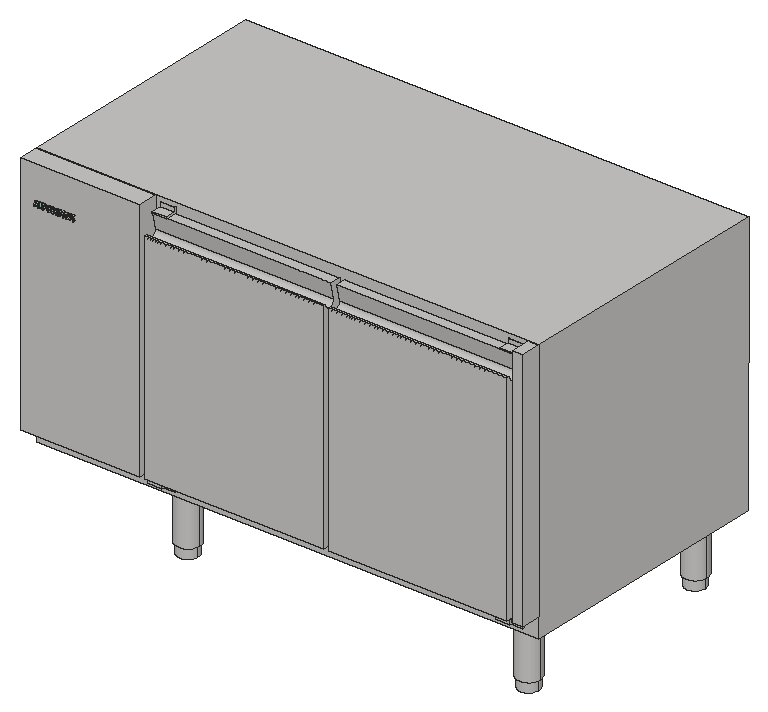
Revit family "QF_ALPENINOX_721094_AA2R7AA", category Attrezzature speciali, Revit 2018
Family settings
  Quota connettore circolare = Usa diametro
  Tipo di parte = Normale
  Basato su piano di lavoro = No
  Sempre verticale = Sì
  Taglio con vuoti quando caricato = No
  Condiviso = No
  Punto di calcolo locali = No
Parameters (values of type "Standard")
  Weight = 90.00 kg
  Watts = 220 W
  Volts = 220 V
  URL Manufacturer = "http://www.alpeninox.com"
  URL = "http://www.alpeninox.com"
  Steam Supply Size = 0 mm
  Steam Supply Minimum Pressure = 0.0 Pa
  Steam Supply Maximum Pressure = 0.0 Pa
  Steam Consumption per Hour = 0
  Refrigeration Suction Line Size = 0 mm
  Refrigeration Liquid Line Size = 0 mm
  Refrigerant Compressor Remote = yes
  Produttore = "Alpeninox"
  Phase = 1
  Modello = "AA2R7AA"
  Length Actual = 1241 mm  # constant formula
  Item Number = "721094"
  Hot Water Size = 0 mm
  Height Actual = 800 mm  # constant formula
  HP = "0.3 HP"
  Gas Size = 0 mm
  Gas KW = 0
  Gas Input Pressure = 0 W
  Direct Waste Size = 0 mm
  Descrizione = "2-DOOR REFRIGERATED COUNTER, -2+10°C, FULL AISI 304 (R290), WITHOUT WORK TOP"
  Depth Actual = 700 mm  # constant formula
  Cycle = 50 Hz
  Condensate Return Size = 0 mm
  Compressed Air Volume = 0.0 L/s
  Compressed Air Size = 0 mm
  Compressed Air Pressure = 0.0 Pa
  Cold Water Size = 0 mm
  Accessory = yes
Values of the unnamed type that differ from the named types
  Weight = 0.00 kg
  Watts = 0 W
  Volts = 0 V
  URL Manufacturer = ""
  Item Number = ""
  HP = ""
  Cycle = 0 Hz
Reference planes
  plane 1: z = 0
  plane 2 "Center (Left/Right)": x = -126.5
  plane 3 "Center (Front/Back)": y = 64.5
  plane 4 "FEET": z = 150
  plane 5 "TOP": z = 850
  plane 6 "PLAIN": z = 800
  plane 7 "EI_back": y = 103
  plane 8 "EI_left": x = -686
  plane 9 "BACK": y = 412
  plane 10 "FRONT": y = -283
  plane 11 "DOOR": y = -233
  plane 12 "LEFT": x = -747
  plane 13 "RIGHT": x = 494
  plane 14: x = -722
  plane 15: x = 469
Forms (mm)
  Extrusion 1, solid, material "QF_Finishes_Stainless Steel"
    sketch origin (-1022.223, -1524, 150) x (-1, 0, 0) y (0, -1, 0)
      loop
        circle (-336.223, -1627) r 5
    from 0 to -40
  Extrusion 2, solid, material "QF_Finishes_Stainless Steel"
    sketch origin (-1022.223, -1524, 150) x (-1, 0, 0) y (0, -1, 0)
      loop
        line (-1491.223, -1291) -> (-1491.223, -1241) -> (-1516.223, -1241) -> (-1516.223, -1291) -> (-1491.223, -1291)
    from 48 to 650
  Extrusion 3, solid, material "QF_Finishes_Stainless Steel"
    sketch origin (-1022.223, -1524, 150) x (-1, 0, 0) y (0, -1, 0)
      loop
        line (-275.223, -1936) -> (-275.223, -1291) -> (-1516.223, -1291) -> (-1516.223, -1936) -> (-275.223, -1936)
    from 0 to 650
Lines and regions (mm)
  symbolic lines, style "SpecialityEquipmentHiddenLines"
    curve 1: line (-747, 412, 150) -> (494, 412, 150)
    curve 2: line (-747, -283, 150) -> (-747, 412, 150)
    curve 3: line (494, -283, 150) -> (-747, -283, 150)
    curve 4: line (494, 412, 150) -> (494, -283, 150)
    curve 5: line (-747, -233, 150) -> (494, -233, 150)
    curve 6: line (469, -283, 150) -> (469, -233, 150)
Dimensions and locks
  plane 4 "FEET" to level = 150 mm
  plane 11 "DOOR" to plane 10 "FRONT" = 50 mm
  plane 6 "PLAIN" to plane 4 "FEET" = 650 mm
  plane 5 "TOP" to plane 6 "PLAIN" = 50 mm
  plane 12 "LEFT" to plane 14 = 25 mm
  plane 15 to plane 13 "RIGHT" = 25 mm
  plane 9 "BACK" to plane 7 "EI_back" = 309 mm
  plane 12 "LEFT" to plane 8 "EI_left" = 61 mm
  plane 12 "LEFT" to plane 13 "RIGHT" = 1241 mm
  equal spacing: plane 12 "LEFT", plane 2 "Center (Left/Right)", plane 13 "RIGHT"
  plane 9 "BACK" to plane 10 "FRONT" = 695 mm
  equal spacing: plane 9 "BACK", plane 3 "Center (Front/Back)", plane 10 "FRONT"
  aligned and locked: level to plane 1
Automatic sketch dimensions
  Extrusion 1 sketch curve to plane 7 "EI_back" = 0 mm
  Extrusion 1 sketch curve to plane 8 "EI_left" = 0 mm
  Extrusion 2 sketch curve to plane 11 "DOOR" = 0 mm
  Extrusion 2 sketch curve to plane 13 "RIGHT" = 0 mm
  Extrusion 2 sketch curve to plane 10 "FRONT" = 0 mm
  Extrusion 2 sketch curve to plane 15 = 0 mm
  Extrusion 3 sketch curve to plane 9 "BACK" = 0 mm
  Extrusion 3 sketch curve to plane 13 "RIGHT" = 0 mm
  Extrusion 3 sketch curve to plane 11 "DOOR" = 0 mm
  Extrusion 3 sketch curve to plane 12 "LEFT" = 0 mm
  curve 1 to plane 13 "RIGHT" = 0 mm
  curve 6 to plane 10 "FRONT" = 0 mm
  curve 6 to plane 15 = 0 mm
  curve 5 to plane 12 "LEFT" = 0 mm
  curve 6 to plane 11 "DOOR" = 0 mm
  curve 1 to plane 9 "BACK" = 0 mm
  radius of Extrusion 1 sketch curve = 5 mm
Nested families
  nested 1: "HP_Refrigerator" at (494, -283, 0), type "HP_Refrigerator"
  nested 2: "HP_FEET" at (-413, 331, 0), type "HP_FEET"
  nested 3: "HP_FEET" at (428, 331, 0), type "HP_FEET"
  nested 4: "HP_FEET" at (-413, -183, 0), type "HP_FEET"
  nested 5: "HP_FEET" at (428, -183, 0), type "HP_FEET"
  nested 6: "HP_APX_BI_TN_L" at (-540.08, -233, 548) x (1, 0, 0) z (0, -1, 0), type "HP_APX_BI_TN_L"
    with Show Logo yes
  nested 7: "HP_APX_SD_L" at (-219, -233, 458.88) x (1, 0, 0) z (0, -1, 0), type "HP_APX_SD_L"
    with Show Clearance yes
  nested 8: "HP_APX_SD_R" at (235, -233, 458.88) x (1, 0, 0) z (0, -1, 0), type "HP_APX_SD_R"
    with Show Clearance yes
Connectors
  electrical at (-686, 103, 110), driven by "Volts"
    settings: on Extrusion 1, index 1, voltage 220 V, apparent load 0 VA, apparent load phase1 0 VA, apparent load phase2 0 VA, apparent load phase3 0 VA, power factor 1, load classification "Other", number of poles 1, system type 31, power factor state 1, is connector primary yes, connector utility no, sub classification motor no, connector description "Electrical Connection"
Definition of nested family "HP_FEET"
  Parameters
    FEET = 150 mm
  Reference planes
    plane 1 "Center (Front/Back)": y = 0
    plane 2: z = 0
    plane 3 "Center (Left/Right)": x = 0
    plane 4: z = 150
  Forms (mm)
    Revolve 1, solid
      sketch origin (255.05, 0, 608.09) x (0, 0, 1) y (-1, 0, 0)
        loop
          line (-608.09, 255.05) -> (-608.09, 230.05) -> (-583.09, 230.05) -> (-583.09, 226.05) -> (-458.09, 226.05) -> (-458.09, 255.05) -> (-608.09, 255.05)
        axis (-608.09, 255.05) -> (-458.09, 255.05)
      angle from 0 to 360
  Dimensions and locks
    locked: Revolve 1 sketch curve to Revolve 1 sketch curve at 125
    "FEET": plane 4 to plane 2
    aligned and locked: level to plane 2
    aligned and locked: plane 4 to Revolve 1 sketch curve
    aligned and locked: Revolve 1 sketch curve to level
    aligned and locked: plane 3 "Center (Left/Right)" to Revolve 1 sketch curve
  Automatic sketch dimensions
    Revolve 1 sketch curve to plane 3 "Center (Left/Right)" = 0 mm
    Revolve 1 sketch curve to Revolve 1 sketch curve = 25 mm
    Revolve 1 sketch curve to Revolve 1 sketch curve = 29 mm
    plane 4 to Revolve 1 sketch curve = 50 mm
    Revolve 1 sketch curve to Revolve 1 sketch curve = 20 mm
Definition of nested family "HP_APX_BI_TN_L"
  Parameters
    Show Logo [instance] = yes
    Default Elevation = 1219.2 mm
  Reference planes
    plane 1 "Center (Front/Back)": y = -49
    plane 2: z = 0
    plane 3 "Center (Left/Right)": x = -59.92
    plane 4: x = -206.92
    plane 5: x = 87.08
    plane 6: y = 252
    plane 7: y = -350
  Forms (mm)
    Extrusion 1, solid
      sketch origin (0, 0, 0) x (1, 0, 0) y (0, 1, 0)
        loop
          line (-1219.2, 1219.2) -> (-1219.2, -1219.2) -> (1219.2, -1219.2) -> (1219.2, 1219.2) -> (-1219.2, 1219.2)
      from 0 to -304.8
    Extrusion 2, solid
      sketch origin (0, 0, 0) x (1, 0, 0) y (0, 1, 0)
        loop
          line (-206.92, 252) -> (-206.92, -350) -> (87.08, -350) -> (87.08, 252) -> (-206.92, 252)
      from 0 to 50
    Extrusion 3, solid
      sketch origin (0, 0, 0) x (1, 0, 0) y (0, 1, 0)
        loop
          line (-168.675, 170.349) -> (-172.411, 160.318)
          arc (-172.411, 160.318) -> (-171.624, 158.497) -> (-169.837, 159.36) r 1.374
          line (-169.837, 159.36) -> (-169.268, 161.111) -> (-164.1, 161.111) -> (-163.54, 159.379)
          arc (-163.54, 159.379) -> (-161.802, 158.542) -> (-161.049, 160.318) r 1.333
          line (-161.049, 160.318) -> (-164.694, 170.349)
          arc (-164.694, 170.349) -> (-166.685, 171.876) -> (-168.675, 170.349) r 2.06
        loop
          line (-166.681, 169.055) -> (-168.469, 163.655) -> (-164.935, 163.655) -> (-166.681, 169.055)
        loop
          arc (-159.705, 160.042) -> (-159.262, 158.973) -> (-158.194, 158.531) r 1.512
          line (-158.194, 158.531) -> (-153.608, 158.531)
          arc (-153.608, 158.531) -> (-152.337, 159.802) -> (-153.608, 161.074) r 1.272
          line (-153.608, 161.074) -> (-156.917, 161.074) -> (-156.917, 170.328)
          arc (-156.917, 170.328) -> (-158.311, 171.722) -> (-159.705, 170.328) r 1.394
          line (-159.705, 170.328) -> (-159.705, 160.042)
        loop
          line (-151.076, 170.218) -> (-151.076, 159.859)
          arc (-151.076, 159.859) -> (-149.683, 158.466) -> (-148.29, 159.859) r 1.393
          line (-148.29, 159.859) -> (-148.29, 162.882) -> (-146.225, 162.882)
          arc (-146.225, 162.882) -> (-142.999, 163.859) -> (-141.608, 166.928) r 4.082
          arc (-141.608, 166.928) -> (-142.993, 170.272) -> (-146.336, 171.657) r 4.728
          line (-146.336, 171.657) -> (-149.638, 171.657)
          arc (-149.638, 171.657) -> (-150.655, 171.235) -> (-151.076, 170.218) r 1.439
        loop
          line (-148.29, 165.313) -> (-146.388, 165.313)
          arc (-146.388, 165.313) -> (-144.433, 167.268) -> (-146.388, 169.222) r 1.955
          line (-146.388, 169.222) -> (-148.29, 169.222) -> (-148.29, 165.313)
        loop
          arc (-131.184, 166.332) -> (-132.004, 168.2) -> (-133.767, 169.228) r 3.3
          arc (-133.767, 169.228) -> (-136.353, 168.661) -> (-137.611, 166.332) r 3.176
          line (-137.611, 166.332) -> (-131.184, 166.332)
        loop
          line (-137.538, 163.743) -> (-130.544, 163.743)
          arc (-130.544, 163.743) -> (-129.292, 163.916) -> (-128.301, 164.701) r 2.4
          arc (-128.301, 164.701) -> (-128.155, 165.545) -> (-128.212, 166.399) r 3.635
          arc (-128.212, 166.399) -> (-130.364, 170.162) -> (-134.39, 171.769) r 6.579
          arc (-134.39, 171.769) -> (-138.918, 169.706) -> (-140.661, 165.044) r 6.501
          arc (-140.661, 165.044) -> (-139.276, 160.789) -> (-135.401, 158.549) r 6.252
          arc (-135.401, 158.549) -> (-132.922, 158.526) -> (-130.544, 159.232) r 8.361
          arc (-130.544, 159.232) -> (-129.466, 159.781) -> (-128.641, 160.666) r 3.486
          arc (-128.641, 160.666) -> (-128.419, 161.592) -> (-128.828, 162.451) r 1.425
          arc (-128.828, 162.451) -> (-129.368, 162.762) -> (-129.99, 162.762) r 1.203
          arc (-129.99, 162.762) -> (-130.406, 162.59) -> (-130.764, 162.316) r 1.724
          arc (-130.764, 162.316) -> (-131.666, 161.705) -> (-132.646, 161.229) r 7.6
          arc (-132.646, 161.229) -> (-135.676, 161.35) -> (-137.538, 163.743) r 3.6
        loop
          line (-126.669, 170.328) -> (-126.669, 159.859)
          arc (-126.669, 159.859) -> (-125.273, 158.463) -> (-123.878, 159.859) r 1.396
          line (-123.878, 159.859) -> (-123.878, 166.785) -> (-117.946, 159.029)
          arc (-117.946, 159.029) -> (-116.361, 158.51) -> (-115.379, 159.859) r 1.417
          line (-115.379, 159.859) -> (-115.379, 170.328)
          arc (-115.379, 170.328) -> (-116.774, 171.723) -> (-118.169, 170.328) r 1.395
          line (-118.169, 170.328) -> (-118.169, 163.311) -> (-124.101, 171.157)
          arc (-124.101, 171.157) -> (-125.687, 171.678) -> (-126.669, 170.328) r 1.418
        loop
          arc (-113.636, 159.859) -> (-112.241, 158.464) -> (-110.847, 159.859) r 1.394
          line (-110.847, 159.859) -> (-110.847, 170.328)
          arc (-110.847, 170.328) -> (-112.241, 171.723) -> (-113.636, 170.328) r 1.394
          line (-113.636, 170.328) -> (-113.636, 159.859)
        loop
          line (-109.102, 170.328) -> (-109.102, 159.859)
          arc (-109.102, 159.859) -> (-107.706, 158.463) -> (-106.31, 159.859) r 1.396
          line (-106.31, 159.859) -> (-106.31, 166.785) -> (-100.378, 159.029)
          arc (-100.378, 159.029) -> (-98.793, 158.51) -> (-97.812, 159.859) r 1.417
          line (-97.812, 159.859) -> (-97.812, 170.328)
          arc (-97.812, 170.328) -> (-99.207, 171.723) -> (-100.602, 170.328) r 1.395
          line (-100.602, 170.328) -> (-100.602, 163.311) -> (-106.533, 171.157)
          arc (-106.533, 171.157) -> (-108.119, 171.678) -> (-109.102, 170.328) r 1.418
        loop
          arc (-96.345, 165.093) -> (-95.619, 161.877) -> (-93.467, 159.379) r 6.806
          arc (-93.467, 159.379) -> (-91.792, 158.566) -> (-89.948, 158.31) r 5.956
          arc (-89.948, 158.31) -> (-88.104, 158.566) -> (-86.43, 159.379) r 5.956
          arc (-86.43, 159.379) -> (-84.277, 161.877) -> (-83.551, 165.093) r 6.806
          arc (-83.551, 165.093) -> (-84.277, 168.31) -> (-86.43, 170.808) r 6.806
          arc (-86.43, 170.808) -> (-88.104, 171.621) -> (-89.948, 171.877) r 5.956
          arc (-89.948, 171.877) -> (-91.792, 171.621) -> (-93.467, 170.808) r 5.956
          arc (-93.467, 170.808) -> (-95.619, 168.31) -> (-96.345, 165.093) r 6.806
        loop
          arc (-93.425, 165.093) -> (-93.138, 163.212) -> (-92.081, 161.629) r 4.387
          arc (-92.081, 161.629) -> (-91.087, 161.049) -> (-89.948, 160.881) r 3.035
          arc (-89.948, 160.881) -> (-88.809, 161.049) -> (-87.815, 161.629) r 3.035
          arc (-87.815, 161.629) -> (-86.759, 163.212) -> (-86.472, 165.093) r 4.387
          arc (-86.472, 165.093) -> (-86.759, 166.975) -> (-87.815, 168.558) r 4.387
          arc (-87.815, 168.558) -> (-88.809, 169.138) -> (-89.948, 169.306) r 3.035
          arc (-89.948, 169.306) -> (-91.087, 169.138) -> (-92.081, 168.558) r 3.035
          arc (-92.081, 168.558) -> (-93.138, 166.975) -> (-93.425, 165.093) r 4.387
        loop
          line (-83.139, 169.609) -> (-80.126, 165.552) -> (-83.81, 160.652)
          arc (-83.81, 160.652) -> (-83.512, 158.692) -> (-81.559, 159.029) r 1.388
          line (-81.559, 159.029) -> (-78.51, 163.232) -> (-75.461, 159.029)
          arc (-75.461, 159.029) -> (-73.507, 158.692) -> (-73.21, 160.652) r 1.388
          line (-73.21, 160.652) -> (-76.894, 165.552) -> (-73.881, 169.609)
          arc (-73.881, 169.609) -> (-74.249, 171.597) -> (-76.205, 171.084) r 1.38
          line (-76.205, 171.084) -> (-78.51, 167.841) -> (-80.815, 171.084)
          arc (-80.815, 171.084) -> (-82.771, 171.597) -> (-83.139, 169.609) r 1.38
      from 50 to 51.6
    Extrusion 4, solid, not visible
      sketch origin (0, 0, 0) x (1, 0, 0) y (0, 1, 0)
        loop
          line (-206.92, 252) -> (-206.92, -400) -> (87.08, -400) -> (87.08, 252) -> (-206.92, 252)
      from 0 to 50
  Lines and regions (mm)
    Split face 1
      outline origin (0, 0, 50) x (1, 0, 0) y (0, 1, 0)
        loop
          line (87.08, 183) -> (-172.92, 183)
          arc (-172.92, 183) -> (-190.42, 165.5) -> (-172.92, 148) r 17.5
          line (-172.92, 148) -> (87.08, 148)
    Split face 2
      outline origin (-38, 0, 50) x (1, 0, 0) y (0, 1, 0)
        loop
          line (-5.42, 177) -> (-5.42, 154) -> (64.58, 154) -> (64.58, 177) -> (-5.42, 177)
    Split face 3
      outline origin (-38, 0, 50) x (1, 0, 0) y (0, 1, 0)
        loop
          line (44.58, 174) -> (44.58, 157) -> (61.58, 157) -> (61.58, 174) -> (44.58, 174)
    Split face 4
      outline origin (0, 0, 50) x (1, 0, 0) y (0, 1, 0)
        loop
          line (-206.92, 188) -> (87.08, 188)
    Split face 5
      outline origin (0, 0, 50) x (1, 0, 0) y (0, 1, 0)
        loop
          arc (-163.464, 131.824) -> (-167.464, 127.824) -> (-163.464, 123.824) r 4
          line (-163.464, 123.824) -> (-121.464, 123.824)
          arc (-121.464, 123.824) -> (-117.464, 127.824) -> (-121.464, 131.824) r 4
          line (-121.464, 131.824) -> (-163.464, 131.824)
    Split face 6
      outline origin (330, 0, 50) x (1, 0, 0) y (0, 1, 0)
        loop
          arc (-328.464, 131.824) -> (-332.464, 127.824) -> (-328.464, 123.824) r 4
          line (-328.464, 123.824) -> (-286.464, 123.824)
          arc (-286.464, 123.824) -> (-282.464, 127.824) -> (-286.464, 131.824) r 4
          line (-286.464, 131.824) -> (-328.464, 131.824)
    Split face 7
      outline origin (110, 0, 50) x (1, 0, 0) y (0, 1, 0)
        loop
          arc (-218.464, 131.824) -> (-222.464, 127.824) -> (-218.464, 123.824) r 4
          line (-218.464, 123.824) -> (-176.464, 123.824)
          arc (-176.464, 123.824) -> (-172.464, 127.824) -> (-176.464, 131.824) r 4
          line (-176.464, 131.824) -> (-218.464, 131.824)
    Split face 8
      outline origin (220, 0, 50) x (1, 0, 0) y (0, 1, 0)
        loop
          arc (-273.464, 131.824) -> (-277.464, 127.824) -> (-273.464, 123.824) r 4
          line (-273.464, 123.824) -> (-231.464, 123.824)
          arc (-231.464, 123.824) -> (-227.464, 127.824) -> (-231.464, 131.824) r 4
          line (-231.464, 131.824) -> (-273.464, 131.824)
    Split face 9, not visible
      outline origin (0, 0, 50) x (1, 0, 0) y (0, 1, 0)
        loop
          arc (-163.464, 131.824) -> (-167.464, 127.824) -> (-163.464, 123.824) r 4
          line (-163.464, 123.824) -> (-121.464, 123.824)
          arc (-121.464, 123.824) -> (-117.464, 127.824) -> (-121.464, 131.824) r 4
          line (-121.464, 131.824) -> (-163.464, 131.824)
    Split face 10
      outline origin (0, -24, 50) x (1, 0, 0) y (0, 1, 0)
        loop
          arc (-163.464, 143.824) -> (-167.464, 139.824) -> (-163.464, 135.824) r 4
          line (-163.464, 135.824) -> (-121.464, 135.824)
          arc (-121.464, 135.824) -> (-117.464, 139.824) -> (-121.464, 143.824) r 4
          line (-121.464, 143.824) -> (-163.464, 143.824)
    Split face 11
      outline origin (330, -24, 50) x (1, 0, 0) y (0, 1, 0)
        loop
          arc (-328.464, 143.824) -> (-332.464, 139.824) -> (-328.464, 135.824) r 4
          line (-328.464, 135.824) -> (-286.464, 135.824)
          arc (-286.464, 135.824) -> (-282.464, 139.824) -> (-286.464, 143.824) r 4
          line (-286.464, 143.824) -> (-328.464, 143.824)
    Split face 12
      outline origin (110, -24, 50) x (1, 0, 0) y (0, 1, 0)
        loop
          arc (-218.464, 143.824) -> (-222.464, 139.824) -> (-218.464, 135.824) r 4
          line (-218.464, 135.824) -> (-176.464, 135.824)
          arc (-176.464, 135.824) -> (-172.464, 139.824) -> (-176.464, 143.824) r 4
          line (-176.464, 143.824) -> (-218.464, 143.824)
    Split face 13
      outline origin (220, -24, 50) x (1, 0, 0) y (0, 1, 0)
        loop
          arc (-273.464, 143.824) -> (-277.464, 139.824) -> (-273.464, 135.824) r 4
          line (-273.464, 135.824) -> (-231.464, 135.824)
          arc (-231.464, 135.824) -> (-227.464, 139.824) -> (-231.464, 143.824) r 4
          line (-231.464, 143.824) -> (-273.464, 143.824)
    Split face 14
      outline origin (0, -48, 50) x (1, 0, 0) y (0, 1, 0)
        loop
          arc (-163.464, 155.824) -> (-167.464, 151.824) -> (-163.464, 147.824) r 4
          line (-163.464, 147.824) -> (-121.464, 147.824)
          arc (-121.464, 147.824) -> (-117.464, 151.824) -> (-121.464, 155.824) r 4
          line (-121.464, 155.824) -> (-163.464, 155.824)
    Split face 15
      outline origin (330, -48, 50) x (1, 0, 0) y (0, 1, 0)
        loop
          arc (-328.464, 155.824) -> (-332.464, 151.824) -> (-328.464, 147.824) r 4
          line (-328.464, 147.824) -> (-286.464, 147.824)
          arc (-286.464, 147.824) -> (-282.464, 151.824) -> (-286.464, 155.824) r 4
          line (-286.464, 155.824) -> (-328.464, 155.824)
    Split face 16
      outline origin (110, -48, 50) x (1, 0, 0) y (0, 1, 0)
        loop
          arc (-218.464, 155.824) -> (-222.464, 151.824) -> (-218.464, 147.824) r 4
          line (-218.464, 147.824) -> (-176.464, 147.824)
          arc (-176.464, 147.824) -> (-172.464, 151.824) -> (-176.464, 155.824) r 4
          line (-176.464, 155.824) -> (-218.464, 155.824)
    Split face 17
      outline origin (220, -48, 50) x (1, 0, 0) y (0, 1, 0)
        loop
          arc (-273.464, 155.824) -> (-277.464, 151.824) -> (-273.464, 147.824) r 4
          line (-273.464, 147.824) -> (-231.464, 147.824)
          arc (-231.464, 147.824) -> (-227.464, 151.824) -> (-231.464, 155.824) r 4
          line (-231.464, 155.824) -> (-273.464, 155.824)
    Split face 18
      outline origin (0, -72, 50) x (1, 0, 0) y (0, 1, 0)
        loop
          arc (-163.464, 167.824) -> (-167.464, 163.824) -> (-163.464, 159.824) r 4
          line (-163.464, 159.824) -> (-121.464, 159.824)
          arc (-121.464, 159.824) -> (-117.464, 163.824) -> (-121.464, 167.824) r 4
          line (-121.464, 167.824) -> (-163.464, 167.824)
    Split face 19
      outline origin (330, -72, 50) x (1, 0, 0) y (0, 1, 0)
        loop
          arc (-328.464, 167.824) -> (-332.464, 163.824) -> (-328.464, 159.824) r 4
          line (-328.464, 159.824) -> (-286.464, 159.824)
          arc (-286.464, 159.824) -> (-282.464, 163.824) -> (-286.464, 167.824) r 4
          line (-286.464, 167.824) -> (-328.464, 167.824)
    Split face 20
      outline origin (110, -72, 50) x (1, 0, 0) y (0, 1, 0)
        loop
          arc (-218.464, 167.824) -> (-222.464, 163.824) -> (-218.464, 159.824) r 4
          line (-218.464, 159.824) -> (-176.464, 159.824)
          arc (-176.464, 159.824) -> (-172.464, 163.824) -> (-176.464, 167.824) r 4
          line (-176.464, 167.824) -> (-218.464, 167.824)
    Split face 21
      outline origin (220, -72, 50) x (1, 0, 0) y (0, 1, 0)
        loop
          arc (-273.464, 167.824) -> (-277.464, 163.824) -> (-273.464, 159.824) r 4
          line (-273.464, 159.824) -> (-231.464, 159.824)
          arc (-231.464, 159.824) -> (-227.464, 163.824) -> (-231.464, 167.824) r 4
          line (-231.464, 167.824) -> (-273.464, 167.824)
    Split face 22
      outline origin (0, -96, 50) x (1, 0, 0) y (0, 1, 0)
        loop
          arc (-163.464, 179.824) -> (-167.464, 175.824) -> (-163.464, 171.824) r 4
          line (-163.464, 171.824) -> (-121.464, 171.824)
          arc (-121.464, 171.824) -> (-117.464, 175.824) -> (-121.464, 179.824) r 4
          line (-121.464, 179.824) -> (-163.464, 179.824)
    Split face 23
      outline origin (330, -96, 50) x (1, 0, 0) y (0, 1, 0)
        loop
          arc (-328.464, 179.824) -> (-332.464, 175.824) -> (-328.464, 171.824) r 4
          line (-328.464, 171.824) -> (-286.464, 171.824)
          arc (-286.464, 171.824) -> (-282.464, 175.824) -> (-286.464, 179.824) r 4
          line (-286.464, 179.824) -> (-328.464, 179.824)
    Split face 24
      outline origin (110, -96, 50) x (1, 0, 0) y (0, 1, 0)
        loop
          arc (-218.464, 179.824) -> (-222.464, 175.824) -> (-218.464, 171.824) r 4
          line (-218.464, 171.824) -> (-176.464, 171.824)
          arc (-176.464, 171.824) -> (-172.464, 175.824) -> (-176.464, 179.824) r 4
          line (-176.464, 179.824) -> (-218.464, 179.824)
    Split face 25
      outline origin (220, -96, 50) x (1, 0, 0) y (0, 1, 0)
        loop
          arc (-273.464, 179.824) -> (-277.464, 175.824) -> (-273.464, 171.824) r 4
          line (-273.464, 171.824) -> (-231.464, 171.824)
          arc (-231.464, 171.824) -> (-227.464, 175.824) -> (-231.464, 179.824) r 4
          line (-231.464, 179.824) -> (-273.464, 179.824)
    Split face 26
      outline origin (0, -120, 50) x (1, 0, 0) y (0, 1, 0)
        loop
          arc (-163.464, 191.824) -> (-167.464, 187.824) -> (-163.464, 183.824) r 4
          line (-163.464, 183.824) -> (-121.464, 183.824)
          arc (-121.464, 183.824) -> (-117.464, 187.824) -> (-121.464, 191.824) r 4
          line (-121.464, 191.824) -> (-163.464, 191.824)
    Split face 27
      outline origin (330, -120, 50) x (1, 0, 0) y (0, 1, 0)
        loop
          arc (-328.464, 191.824) -> (-332.464, 187.824) -> (-328.464, 183.824) r 4
          line (-328.464, 183.824) -> (-286.464, 183.824)
          arc (-286.464, 183.824) -> (-282.464, 187.824) -> (-286.464, 191.824) r 4
          line (-286.464, 191.824) -> (-328.464, 191.824)
    Split face 28
      outline origin (110, -120, 50) x (1, 0, 0) y (0, 1, 0)
        loop
          arc (-218.464, 191.824) -> (-222.464, 187.824) -> (-218.464, 183.824) r 4
          line (-218.464, 183.824) -> (-176.464, 183.824)
          arc (-176.464, 183.824) -> (-172.464, 187.824) -> (-176.464, 191.824) r 4
          line (-176.464, 191.824) -> (-218.464, 191.824)
    Split face 29
      outline origin (220, -120, 50) x (1, 0, 0) y (0, 1, 0)
        loop
          arc (-273.464, 191.824) -> (-277.464, 187.824) -> (-273.464, 183.824) r 4
          line (-273.464, 183.824) -> (-231.464, 183.824)
          arc (-231.464, 183.824) -> (-227.464, 187.824) -> (-231.464, 191.824) r 4
          line (-231.464, 191.824) -> (-273.464, 191.824)
    Split face 30
      outline origin (0, -144, 50) x (1, 0, 0) y (0, 1, 0)
        loop
          arc (-163.464, 203.824) -> (-167.464, 199.824) -> (-163.464, 195.824) r 4
          line (-163.464, 195.824) -> (-121.464, 195.824)
          arc (-121.464, 195.824) -> (-117.464, 199.824) -> (-121.464, 203.824) r 4
          line (-121.464, 203.824) -> (-163.464, 203.824)
    Split face 31
      outline origin (330, -144, 50) x (1, 0, 0) y (0, 1, 0)
        loop
          arc (-328.464, 203.824) -> (-332.464, 199.824) -> (-328.464, 195.824) r 4
          line (-328.464, 195.824) -> (-286.464, 195.824)
          arc (-286.464, 195.824) -> (-282.464, 199.824) -> (-286.464, 203.824) r 4
          line (-286.464, 203.824) -> (-328.464, 203.824)
    Split face 32
      outline origin (110, -144, 50) x (1, 0, 0) y (0, 1, 0)
        loop
          arc (-218.464, 203.824) -> (-222.464, 199.824) -> (-218.464, 195.824) r 4
          line (-218.464, 195.824) -> (-176.464, 195.824)
          arc (-176.464, 195.824) -> (-172.464, 199.824) -> (-176.464, 203.824) r 4
          line (-176.464, 203.824) -> (-218.464, 203.824)
    Split face 33
      outline origin (220, -144, 50) x (1, 0, 0) y (0, 1, 0)
        loop
          arc (-273.464, 203.824) -> (-277.464, 199.824) -> (-273.464, 195.824) r 4
          line (-273.464, 195.824) -> (-231.464, 195.824)
          arc (-231.464, 195.824) -> (-227.464, 199.824) -> (-231.464, 203.824) r 4
          line (-231.464, 203.824) -> (-273.464, 203.824)
    Split face 34
      outline origin (0, -168, 50) x (1, 0, 0) y (0, 1, 0)
        loop
          arc (-163.464, 215.824) -> (-167.464, 211.824) -> (-163.464, 207.824) r 4
          line (-163.464, 207.824) -> (-121.464, 207.824)
          arc (-121.464, 207.824) -> (-117.464, 211.824) -> (-121.464, 215.824) r 4
          line (-121.464, 215.824) -> (-163.464, 215.824)
    Split face 35
      outline origin (330, -168, 50) x (1, 0, 0) y (0, 1, 0)
        loop
          arc (-328.464, 215.824) -> (-332.464, 211.824) -> (-328.464, 207.824) r 4
          line (-328.464, 207.824) -> (-286.464, 207.824)
          arc (-286.464, 207.824) -> (-282.464, 211.824) -> (-286.464, 215.824) r 4
          line (-286.464, 215.824) -> (-328.464, 215.824)
    Split face 36
      outline origin (110, -168, 50) x (1, 0, 0) y (0, 1, 0)
        loop
          arc (-218.464, 215.824) -> (-222.464, 211.824) -> (-218.464, 207.824) r 4
          line (-218.464, 207.824) -> (-176.464, 207.824)
          arc (-176.464, 207.824) -> (-172.464, 211.824) -> (-176.464, 215.824) r 4
          line (-176.464, 215.824) -> (-218.464, 215.824)
    Split face 37
      outline origin (220, -168, 50) x (1, 0, 0) y (0, 1, 0)
        loop
          arc (-273.464, 215.824) -> (-277.464, 211.824) -> (-273.464, 207.824) r 4
          line (-273.464, 207.824) -> (-231.464, 207.824)
          arc (-231.464, 207.824) -> (-227.464, 211.824) -> (-231.464, 215.824) r 4
          line (-231.464, 215.824) -> (-273.464, 215.824)
    Split face 38
      outline origin (0, -192, 50) x (1, 0, 0) y (0, 1, 0)
        loop
          arc (-163.464, 227.824) -> (-167.464, 223.824) -> (-163.464, 219.824) r 4
          line (-163.464, 219.824) -> (-121.464, 219.824)
          arc (-121.464, 219.824) -> (-117.464, 223.824) -> (-121.464, 227.824) r 4
          line (-121.464, 227.824) -> (-163.464, 227.824)
    Split face 39
      outline origin (330, -192, 50) x (1, 0, 0) y (0, 1, 0)
        loop
          arc (-328.464, 227.824) -> (-332.464, 223.824) -> (-328.464, 219.824) r 4
          line (-328.464, 219.824) -> (-286.464, 219.824)
          arc (-286.464, 219.824) -> (-282.464, 223.824) -> (-286.464, 227.824) r 4
          line (-286.464, 227.824) -> (-328.464, 227.824)
    Split face 40
      outline origin (110, -192, 50) x (1, 0, 0) y (0, 1, 0)
        loop
          arc (-218.464, 227.824) -> (-222.464, 223.824) -> (-218.464, 219.824) r 4
          line (-218.464, 219.824) -> (-176.464, 219.824)
          arc (-176.464, 219.824) -> (-172.464, 223.824) -> (-176.464, 227.824) r 4
          line (-176.464, 227.824) -> (-218.464, 227.824)
    Split face 41
      outline origin (220, -192, 50) x (1, 0, 0) y (0, 1, 0)
        loop
          arc (-273.464, 227.824) -> (-277.464, 223.824) -> (-273.464, 219.824) r 4
          line (-273.464, 219.824) -> (-231.464, 219.824)
          arc (-231.464, 219.824) -> (-227.464, 223.824) -> (-231.464, 227.824) r 4
          line (-231.464, 227.824) -> (-273.464, 227.824)
    Split face 42
      outline origin (0, -216, 50) x (1, 0, 0) y (0, 1, 0)
        loop
          arc (-163.464, 239.824) -> (-167.464, 235.824) -> (-163.464, 231.824) r 4
          line (-163.464, 231.824) -> (-121.464, 231.824)
          arc (-121.464, 231.824) -> (-117.464, 235.824) -> (-121.464, 239.824) r 4
          line (-121.464, 239.824) -> (-163.464, 239.824)
    Split face 43
      outline origin (330, -216, 50) x (1, 0, 0) y (0, 1, 0)
        loop
          arc (-328.464, 239.824) -> (-332.464, 235.824) -> (-328.464, 231.824) r 4
          line (-328.464, 231.824) -> (-286.464, 231.824)
          arc (-286.464, 231.824) -> (-282.464, 235.824) -> (-286.464, 239.824) r 4
          line (-286.464, 239.824) -> (-328.464, 239.824)
    Split face 44
      outline origin (110, -216, 50) x (1, 0, 0) y (0, 1, 0)
        loop
          arc (-218.464, 239.824) -> (-222.464, 235.824) -> (-218.464, 231.824) r 4
          line (-218.464, 231.824) -> (-176.464, 231.824)
          arc (-176.464, 231.824) -> (-172.464, 235.824) -> (-176.464, 239.824) r 4
          line (-176.464, 239.824) -> (-218.464, 239.824)
    Split face 45
      outline origin (220, -216, 50) x (1, 0, 0) y (0, 1, 0)
        loop
          arc (-273.464, 239.824) -> (-277.464, 235.824) -> (-273.464, 231.824) r 4
          line (-273.464, 231.824) -> (-231.464, 231.824)
          arc (-231.464, 231.824) -> (-227.464, 235.824) -> (-231.464, 239.824) r 4
          line (-231.464, 239.824) -> (-273.464, 239.824)
    Split face 46
      outline origin (0, -240, 50) x (1, 0, 0) y (0, 1, 0)
        loop
          arc (-163.464, 251.824) -> (-167.464, 247.824) -> (-163.464, 243.824) r 4
          line (-163.464, 243.824) -> (-121.464, 243.824)
          arc (-121.464, 243.824) -> (-117.464, 247.824) -> (-121.464, 251.824) r 4
          line (-121.464, 251.824) -> (-163.464, 251.824)
    Split face 47
      outline origin (330, -240, 50) x (1, 0, 0) y (0, 1, 0)
        loop
          arc (-328.464, 251.824) -> (-332.464, 247.824) -> (-328.464, 243.824) r 4
          line (-328.464, 243.824) -> (-286.464, 243.824)
          arc (-286.464, 243.824) -> (-282.464, 247.824) -> (-286.464, 251.824) r 4
          line (-286.464, 251.824) -> (-328.464, 251.824)
    Split face 48
      outline origin (110, -240, 50) x (1, 0, 0) y (0, 1, 0)
        loop
          arc (-218.464, 251.824) -> (-222.464, 247.824) -> (-218.464, 243.824) r 4
          line (-218.464, 243.824) -> (-176.464, 243.824)
          arc (-176.464, 243.824) -> (-172.464, 247.824) -> (-176.464, 251.824) r 4
          line (-176.464, 251.824) -> (-218.464, 251.824)
    Split face 49
      outline origin (220, -240, 50) x (1, 0, 0) y (0, 1, 0)
        loop
          arc (-273.464, 251.824) -> (-277.464, 247.824) -> (-273.464, 243.824) r 4
          line (-273.464, 243.824) -> (-231.464, 243.824)
          arc (-231.464, 243.824) -> (-227.464, 247.824) -> (-231.464, 251.824) r 4
          line (-231.464, 251.824) -> (-273.464, 251.824)
    Split face 50
      outline origin (0, -264, 50) x (1, 0, 0) y (0, 1, 0)
        loop
          arc (-163.464, 263.824) -> (-167.464, 259.824) -> (-163.464, 255.824) r 4
          line (-163.464, 255.824) -> (-121.464, 255.824)
          arc (-121.464, 255.824) -> (-117.464, 259.824) -> (-121.464, 263.824) r 4
          line (-121.464, 263.824) -> (-163.464, 263.824)
    Split face 51
      outline origin (330, -264, 50) x (1, 0, 0) y (0, 1, 0)
        loop
          arc (-328.464, 263.824) -> (-332.464, 259.824) -> (-328.464, 255.824) r 4
          line (-328.464, 255.824) -> (-286.464, 255.824)
          arc (-286.464, 255.824) -> (-282.464, 259.824) -> (-286.464, 263.824) r 4
          line (-286.464, 263.824) -> (-328.464, 263.824)
    Split face 52
      outline origin (110, -264, 50) x (1, 0, 0) y (0, 1, 0)
        loop
          arc (-218.464, 263.824) -> (-222.464, 259.824) -> (-218.464, 255.824) r 4
          line (-218.464, 255.824) -> (-176.464, 255.824)
          arc (-176.464, 255.824) -> (-172.464, 259.824) -> (-176.464, 263.824) r 4
          line (-176.464, 263.824) -> (-218.464, 263.824)
    Split face 53
      outline origin (220, -264, 50) x (1, 0, 0) y (0, 1, 0)
        loop
          arc (-273.464, 263.824) -> (-277.464, 259.824) -> (-273.464, 255.824) r 4
          line (-273.464, 255.824) -> (-231.464, 255.824)
          arc (-231.464, 255.824) -> (-227.464, 259.824) -> (-231.464, 263.824) r 4
          line (-231.464, 263.824) -> (-273.464, 263.824)
    Split face 54
      outline origin (0, -288, 50) x (1, 0, 0) y (0, 1, 0)
        loop
          arc (-163.464, 275.824) -> (-167.464, 271.824) -> (-163.464, 267.824) r 4
          line (-163.464, 267.824) -> (-121.464, 267.824)
          arc (-121.464, 267.824) -> (-117.464, 271.824) -> (-121.464, 275.824) r 4
          line (-121.464, 275.824) -> (-163.464, 275.824)
    Split face 55
      outline origin (330, -288, 50) x (1, 0, 0) y (0, 1, 0)
        loop
          arc (-328.464, 275.824) -> (-332.464, 271.824) -> (-328.464, 267.824) r 4
          line (-328.464, 267.824) -> (-286.464, 267.824)
          arc (-286.464, 267.824) -> (-282.464, 271.824) -> (-286.464, 275.824) r 4
          line (-286.464, 275.824) -> (-328.464, 275.824)
    Split face 56
      outline origin (110, -288, 50) x (1, 0, 0) y (0, 1, 0)
        loop
          arc (-218.464, 275.824) -> (-222.464, 271.824) -> (-218.464, 267.824) r 4
          line (-218.464, 267.824) -> (-176.464, 267.824)
          arc (-176.464, 267.824) -> (-172.464, 271.824) -> (-176.464, 275.824) r 4
          line (-176.464, 275.824) -> (-218.464, 275.824)
    Split face 57
      outline origin (220, -288, 50) x (1, 0, 0) y (0, 1, 0)
        loop
          arc (-273.464, 275.824) -> (-277.464, 271.824) -> (-273.464, 267.824) r 4
          line (-273.464, 267.824) -> (-231.464, 267.824)
          arc (-231.464, 267.824) -> (-227.464, 271.824) -> (-231.464, 275.824) r 4
          line (-231.464, 275.824) -> (-273.464, 275.824)
    Split face 58
      outline origin (0, -312, 50) x (1, 0, 0) y (0, 1, 0)
        loop
          arc (-163.464, 287.824) -> (-167.464, 283.824) -> (-163.464, 279.824) r 4
          line (-163.464, 279.824) -> (-121.464, 279.824)
          arc (-121.464, 279.824) -> (-117.464, 283.824) -> (-121.464, 287.824) r 4
          line (-121.464, 287.824) -> (-163.464, 287.824)
    Split face 59
      outline origin (330, -312, 50) x (1, 0, 0) y (0, 1, 0)
        loop
          arc (-328.464, 287.824) -> (-332.464, 283.824) -> (-328.464, 279.824) r 4
          line (-328.464, 279.824) -> (-286.464, 279.824)
          arc (-286.464, 279.824) -> (-282.464, 283.824) -> (-286.464, 287.824) r 4
          line (-286.464, 287.824) -> (-328.464, 287.824)
    Split face 60
      outline origin (110, -312, 50) x (1, 0, 0) y (0, 1, 0)
        loop
          arc (-218.464, 287.824) -> (-222.464, 283.824) -> (-218.464, 279.824) r 4
          line (-218.464, 279.824) -> (-176.464, 279.824)
          arc (-176.464, 279.824) -> (-172.464, 283.824) -> (-176.464, 287.824) r 4
          line (-176.464, 287.824) -> (-218.464, 287.824)
    Split face 61
      outline origin (220, -312, 50) x (1, 0, 0) y (0, 1, 0)
        loop
          arc (-273.464, 287.824) -> (-277.464, 283.824) -> (-273.464, 279.824) r 4
          line (-273.464, 279.824) -> (-231.464, 279.824)
          arc (-231.464, 279.824) -> (-227.464, 283.824) -> (-231.464, 287.824) r 4
          line (-231.464, 287.824) -> (-273.464, 287.824)
    Split face 62
      outline origin (0, -336, 50) x (1, 0, 0) y (0, 1, 0)
        loop
          arc (-163.464, 299.824) -> (-167.464, 295.824) -> (-163.464, 291.824) r 4
          line (-163.464, 291.824) -> (-121.464, 291.824)
          arc (-121.464, 291.824) -> (-117.464, 295.824) -> (-121.464, 299.824) r 4
          line (-121.464, 299.824) -> (-163.464, 299.824)
    Split face 63
      outline origin (330, -336, 50) x (1, 0, 0) y (0, 1, 0)
        loop
          arc (-328.464, 299.824) -> (-332.464, 295.824) -> (-328.464, 291.824) r 4
          line (-328.464, 291.824) -> (-286.464, 291.824)
          arc (-286.464, 291.824) -> (-282.464, 295.824) -> (-286.464, 299.824) r 4
          line (-286.464, 299.824) -> (-328.464, 299.824)
    Split face 64
      outline origin (110, -336, 50) x (1, 0, 0) y (0, 1, 0)
        loop
          arc (-218.464, 299.824) -> (-222.464, 295.824) -> (-218.464, 291.824) r 4
          line (-218.464, 291.824) -> (-176.464, 291.824)
          arc (-176.464, 291.824) -> (-172.464, 295.824) -> (-176.464, 299.824) r 4
          line (-176.464, 299.824) -> (-218.464, 299.824)
    Split face 65
      outline origin (220, -336, 50) x (1, 0, 0) y (0, 1, 0)
        loop
          arc (-273.464, 299.824) -> (-277.464, 295.824) -> (-273.464, 291.824) r 4
          line (-273.464, 291.824) -> (-231.464, 291.824)
          arc (-231.464, 291.824) -> (-227.464, 295.824) -> (-231.464, 299.824) r 4
          line (-231.464, 299.824) -> (-273.464, 299.824)
    Split face 66
      outline origin (0, -360, 50) x (1, 0, 0) y (0, 1, 0)
        loop
          arc (-163.464, 311.824) -> (-167.464, 307.824) -> (-163.464, 303.824) r 4
          line (-163.464, 303.824) -> (-121.464, 303.824)
          arc (-121.464, 303.824) -> (-117.464, 307.824) -> (-121.464, 311.824) r 4
          line (-121.464, 311.824) -> (-163.464, 311.824)
    Split face 67
      outline origin (330, -360, 50) x (1, 0, 0) y (0, 1, 0)
        loop
          arc (-328.464, 311.824) -> (-332.464, 307.824) -> (-328.464, 303.824) r 4
          line (-328.464, 303.824) -> (-286.464, 303.824)
          arc (-286.464, 303.824) -> (-282.464, 307.824) -> (-286.464, 311.824) r 4
          line (-286.464, 311.824) -> (-328.464, 311.824)
    Split face 68
      outline origin (110, -360, 50) x (1, 0, 0) y (0, 1, 0)
        loop
          arc (-218.464, 311.824) -> (-222.464, 307.824) -> (-218.464, 303.824) r 4
          line (-218.464, 303.824) -> (-176.464, 303.824)
          arc (-176.464, 303.824) -> (-172.464, 307.824) -> (-176.464, 311.824) r 4
          line (-176.464, 311.824) -> (-218.464, 311.824)
    Split face 69
      outline origin (220, -360, 50) x (1, 0, 0) y (0, 1, 0)
        loop
          arc (-273.464, 311.824) -> (-277.464, 307.824) -> (-273.464, 303.824) r 4
          line (-273.464, 303.824) -> (-231.464, 303.824)
          arc (-231.464, 303.824) -> (-227.464, 307.824) -> (-231.464, 311.824) r 4
          line (-231.464, 311.824) -> (-273.464, 311.824)
    Split face 70
      outline origin (0, 0, 50) x (1, 0, 0) y (0, 1, 0)
        loop
          line (-206.92, 143) -> (87.08, 143)
    Split face 71
      outline origin (0, -663.3, 50) x (1, 0, 0) y (0, 1, 0)
        loop
          arc (-163.464, 513.474) -> (-167.464, 509.474) -> (-163.464, 505.474) r 4
          line (-163.464, 505.474) -> (-121.464, 505.474)
          arc (-121.464, 505.474) -> (-117.464, 509.474) -> (-121.464, 513.474) r 4
          line (-121.464, 513.474) -> (-163.464, 513.474)
    Split face 72
      outline origin (330, -663.3, 50) x (1, 0, 0) y (0, 1, 0)
        loop
          arc (-328.464, 513.474) -> (-332.464, 509.474) -> (-328.464, 505.474) r 4
          line (-328.464, 505.474) -> (-286.464, 505.474)
          arc (-286.464, 505.474) -> (-282.464, 509.474) -> (-286.464, 513.474) r 4
          line (-286.464, 513.474) -> (-328.464, 513.474)
    Split face 73
      outline origin (110, -663.3, 50) x (1, 0, 0) y (0, 1, 0)
        loop
          arc (-218.464, 513.474) -> (-222.464, 509.474) -> (-218.464, 505.474) r 4
          line (-218.464, 505.474) -> (-176.464, 505.474)
          arc (-176.464, 505.474) -> (-172.464, 509.474) -> (-176.464, 513.474) r 4
          line (-176.464, 513.474) -> (-218.464, 513.474)
    Split face 74
      outline origin (220, -663.3, 50) x (1, 0, 0) y (0, 1, 0)
        loop
          arc (-273.464, 513.474) -> (-277.464, 509.474) -> (-273.464, 505.474) r 4
          line (-273.464, 505.474) -> (-231.464, 505.474)
          arc (-231.464, 505.474) -> (-227.464, 509.474) -> (-231.464, 513.474) r 4
          line (-231.464, 513.474) -> (-273.464, 513.474)
    Split face 75
      outline origin (0, -687.3, 50) x (1, 0, 0) y (0, 1, 0)
        loop
          arc (-163.464, 525.474) -> (-167.464, 521.474) -> (-163.464, 517.474) r 4
          line (-163.464, 517.474) -> (-121.464, 517.474)
          arc (-121.464, 517.474) -> (-117.464, 521.474) -> (-121.464, 525.474) r 4
          line (-121.464, 525.474) -> (-163.464, 525.474)
    Split face 76
      outline origin (330, -687.3, 50) x (1, 0, 0) y (0, 1, 0)
        loop
          arc (-328.464, 525.474) -> (-332.464, 521.474) -> (-328.464, 517.474) r 4
          line (-328.464, 517.474) -> (-286.464, 517.474)
          arc (-286.464, 517.474) -> (-282.464, 521.474) -> (-286.464, 525.474) r 4
          line (-286.464, 525.474) -> (-328.464, 525.474)
    Split face 77
      outline origin (110, -687.3, 50) x (1, 0, 0) y (0, 1, 0)
        loop
          arc (-218.464, 525.474) -> (-222.464, 521.474) -> (-218.464, 517.474) r 4
          line (-218.464, 517.474) -> (-176.464, 517.474)
          arc (-176.464, 517.474) -> (-172.464, 521.474) -> (-176.464, 525.474) r 4
          line (-176.464, 525.474) -> (-218.464, 525.474)
    Split face 78
      outline origin (220, -687.3, 50) x (1, 0, 0) y (0, 1, 0)
        loop
          arc (-273.464, 525.474) -> (-277.464, 521.474) -> (-273.464, 517.474) r 4
          line (-273.464, 517.474) -> (-231.464, 517.474)
          arc (-231.464, 517.474) -> (-227.464, 521.474) -> (-231.464, 525.474) r 4
          line (-231.464, 525.474) -> (-273.464, 525.474)
    Split face 79
      outline origin (0, -711.3, 50) x (1, 0, 0) y (0, 1, 0)
        loop
          arc (-163.464, 537.474) -> (-167.464, 533.474) -> (-163.464, 529.474) r 4
          line (-163.464, 529.474) -> (-121.464, 529.474)
          arc (-121.464, 529.474) -> (-117.464, 533.474) -> (-121.464, 537.474) r 4
          line (-121.464, 537.474) -> (-163.464, 537.474)
    Split face 80
      outline origin (330, -711.3, 50) x (1, 0, 0) y (0, 1, 0)
        loop
          arc (-328.464, 537.474) -> (-332.464, 533.474) -> (-328.464, 529.474) r 4
          line (-328.464, 529.474) -> (-286.464, 529.474)
          arc (-286.464, 529.474) -> (-282.464, 533.474) -> (-286.464, 537.474) r 4
          line (-286.464, 537.474) -> (-328.464, 537.474)
    Split face 81
      outline origin (110, -711.3, 50) x (1, 0, 0) y (0, 1, 0)
        loop
          arc (-218.464, 537.474) -> (-222.464, 533.474) -> (-218.464, 529.474) r 4
          line (-218.464, 529.474) -> (-176.464, 529.474)
          arc (-176.464, 529.474) -> (-172.464, 533.474) -> (-176.464, 537.474) r 4
          line (-176.464, 537.474) -> (-218.464, 537.474)
    Split face 82
      outline origin (220, -711.3, 50) x (1, 0, 0) y (0, 1, 0)
        loop
          arc (-273.464, 537.474) -> (-277.464, 533.474) -> (-273.464, 529.474) r 4
          line (-273.464, 529.474) -> (-231.464, 529.474)
          arc (-231.464, 529.474) -> (-227.464, 533.474) -> (-231.464, 537.474) r 4
          line (-231.464, 537.474) -> (-273.464, 537.474)
    Split face 83
      outline origin (0, -735.3, 50) x (1, 0, 0) y (0, 1, 0)
        loop
          arc (-163.464, 549.474) -> (-167.464, 545.474) -> (-163.464, 541.474) r 4
          line (-163.464, 541.474) -> (-121.464, 541.474)
          arc (-121.464, 541.474) -> (-117.464, 545.474) -> (-121.464, 549.474) r 4
          line (-121.464, 549.474) -> (-163.464, 549.474)
    Split face 84
      outline origin (330, -735.3, 50) x (1, 0, 0) y (0, 1, 0)
        loop
          arc (-328.464, 549.474) -> (-332.464, 545.474) -> (-328.464, 541.474) r 4
          line (-328.464, 541.474) -> (-286.464, 541.474)
          arc (-286.464, 541.474) -> (-282.464, 545.474) -> (-286.464, 549.474) r 4
          line (-286.464, 549.474) -> (-328.464, 549.474)
    Split face 85
      outline origin (110, -735.3, 50) x (1, 0, 0) y (0, 1, 0)
        loop
          arc (-218.464, 549.474) -> (-222.464, 545.474) -> (-218.464, 541.474) r 4
          line (-218.464, 541.474) -> (-176.464, 541.474)
          arc (-176.464, 541.474) -> (-172.464, 545.474) -> (-176.464, 549.474) r 4
          line (-176.464, 549.474) -> (-218.464, 549.474)
    Split face 86
      outline origin (220, -735.3, 50) x (1, 0, 0) y (0, 1, 0)
        loop
          arc (-273.464, 549.474) -> (-277.464, 545.474) -> (-273.464, 541.474) r 4
          line (-273.464, 541.474) -> (-231.464, 541.474)
          arc (-231.464, 541.474) -> (-227.464, 545.474) -> (-231.464, 549.474) r 4
          line (-231.464, 549.474) -> (-273.464, 549.474)
    Split face 87
      outline origin (0, -759.3, 50) x (1, 0, 0) y (0, 1, 0)
        loop
          arc (-163.464, 561.474) -> (-167.464, 557.474) -> (-163.464, 553.474) r 4
          line (-163.464, 553.474) -> (-121.464, 553.474)
          arc (-121.464, 553.474) -> (-117.464, 557.474) -> (-121.464, 561.474) r 4
          line (-121.464, 561.474) -> (-163.464, 561.474)
    Split face 88
      outline origin (330, -759.3, 50) x (1, 0, 0) y (0, 1, 0)
        loop
          arc (-328.464, 561.474) -> (-332.464, 557.474) -> (-328.464, 553.474) r 4
          line (-328.464, 553.474) -> (-286.464, 553.474)
          arc (-286.464, 553.474) -> (-282.464, 557.474) -> (-286.464, 561.474) r 4
          line (-286.464, 561.474) -> (-328.464, 561.474)
    Split face 89
      outline origin (110, -759.3, 50) x (1, 0, 0) y (0, 1, 0)
        loop
          arc (-218.464, 561.474) -> (-222.464, 557.474) -> (-218.464, 553.474) r 4
          line (-218.464, 553.474) -> (-176.464, 553.474)
          arc (-176.464, 553.474) -> (-172.464, 557.474) -> (-176.464, 561.474) r 4
          line (-176.464, 561.474) -> (-218.464, 561.474)
    Split face 90
      outline origin (220, -759.3, 50) x (1, 0, 0) y (0, 1, 0)
        loop
          arc (-273.464, 561.474) -> (-277.464, 557.474) -> (-273.464, 553.474) r 4
          line (-273.464, 553.474) -> (-231.464, 553.474)
          arc (-231.464, 553.474) -> (-227.464, 557.474) -> (-231.464, 561.474) r 4
          line (-231.464, 561.474) -> (-273.464, 561.474)
    Split face 91
      outline origin (0, -783.3, 50) x (1, 0, 0) y (0, 1, 0)
        loop
          arc (-163.464, 573.474) -> (-167.464, 569.474) -> (-163.464, 565.474) r 4
          line (-163.464, 565.474) -> (-121.464, 565.474)
          arc (-121.464, 565.474) -> (-117.464, 569.474) -> (-121.464, 573.474) r 4
          line (-121.464, 573.474) -> (-163.464, 573.474)
    Split face 92
      outline origin (330, -783.3, 50) x (1, 0, 0) y (0, 1, 0)
        loop
          arc (-328.464, 573.474) -> (-332.464, 569.474) -> (-328.464, 565.474) r 4
          line (-328.464, 565.474) -> (-286.464, 565.474)
          arc (-286.464, 565.474) -> (-282.464, 569.474) -> (-286.464, 573.474) r 4
          line (-286.464, 573.474) -> (-328.464, 573.474)
    Split face 93
      outline origin (110, -783.3, 50) x (1, 0, 0) y (0, 1, 0)
        loop
          arc (-218.464, 573.474) -> (-222.464, 569.474) -> (-218.464, 565.474) r 4
          line (-218.464, 565.474) -> (-176.464, 565.474)
          arc (-176.464, 565.474) -> (-172.464, 569.474) -> (-176.464, 573.474) r 4
          line (-176.464, 573.474) -> (-218.464, 573.474)
    Split face 94
      outline origin (220, -783.3, 50) x (1, 0, 0) y (0, 1, 0)
        loop
          arc (-273.464, 573.474) -> (-277.464, 569.474) -> (-273.464, 565.474) r 4
          line (-273.464, 565.474) -> (-231.464, 565.474)
          arc (-231.464, 565.474) -> (-227.464, 569.474) -> (-231.464, 573.474) r 4
          line (-231.464, 573.474) -> (-273.464, 573.474)
    Split face 95
      outline origin (0, -807.3, 50) x (1, 0, 0) y (0, 1, 0)
        loop
          arc (-163.464, 585.474) -> (-167.464, 581.474) -> (-163.464, 577.474) r 4
          line (-163.464, 577.474) -> (-121.464, 577.474)
          arc (-121.464, 577.474) -> (-117.464, 581.474) -> (-121.464, 585.474) r 4
          line (-121.464, 585.474) -> (-163.464, 585.474)
    Split face 96
      outline origin (330, -807.3, 50) x (1, 0, 0) y (0, 1, 0)
        loop
          arc (-328.464, 585.474) -> (-332.464, 581.474) -> (-328.464, 577.474) r 4
          line (-328.464, 577.474) -> (-286.464, 577.474)
          arc (-286.464, 577.474) -> (-282.464, 581.474) -> (-286.464, 585.474) r 4
          line (-286.464, 585.474) -> (-328.464, 585.474)
    Split face 97
      outline origin (110, -807.3, 50) x (1, 0, 0) y (0, 1, 0)
        loop
          arc (-218.464, 585.474) -> (-222.464, 581.474) -> (-218.464, 577.474) r 4
          line (-218.464, 577.474) -> (-176.464, 577.474)
          arc (-176.464, 577.474) -> (-172.464, 581.474) -> (-176.464, 585.474) r 4
          line (-176.464, 585.474) -> (-218.464, 585.474)
    Split face 98
      outline origin (220, -807.3, 50) x (1, 0, 0) y (0, 1, 0)
        loop
          arc (-273.464, 585.474) -> (-277.464, 581.474) -> (-273.464, 577.474) r 4
          line (-273.464, 577.474) -> (-231.464, 577.474)
          arc (-231.464, 577.474) -> (-227.464, 581.474) -> (-231.464, 585.474) r 4
          line (-231.464, 585.474) -> (-273.464, 585.474)
    Split face 99
      outline origin (0, -831.3, 50) x (1, 0, 0) y (0, 1, 0)
        loop
          arc (-163.464, 597.474) -> (-167.464, 593.474) -> (-163.464, 589.474) r 4
          line (-163.464, 589.474) -> (-121.464, 589.474)
          arc (-121.464, 589.474) -> (-117.464, 593.474) -> (-121.464, 597.474) r 4
          line (-121.464, 597.474) -> (-163.464, 597.474)
    Split face 100
      outline origin (330, -831.3, 50) x (1, 0, 0) y (0, 1, 0)
        loop
          arc (-328.464, 597.474) -> (-332.464, 593.474) -> (-328.464, 589.474) r 4
          line (-328.464, 589.474) -> (-286.464, 589.474)
          arc (-286.464, 589.474) -> (-282.464, 593.474) -> (-286.464, 597.474) r 4
          line (-286.464, 597.474) -> (-328.464, 597.474)
    Split face 101
      outline origin (110, -831.3, 50) x (1, 0, 0) y (0, 1, 0)
        loop
          arc (-218.464, 597.474) -> (-222.464, 593.474) -> (-218.464, 589.474) r 4
          line (-218.464, 589.474) -> (-176.464, 589.474)
          arc (-176.464, 589.474) -> (-172.464, 593.474) -> (-176.464, 597.474) r 4
          line (-176.464, 597.474) -> (-218.464, 597.474)
    Split face 102
      outline origin (220, -831.3, 50) x (1, 0, 0) y (0, 1, 0)
        loop
          arc (-273.464, 597.474) -> (-277.464, 593.474) -> (-273.464, 589.474) r 4
          line (-273.464, 589.474) -> (-231.464, 589.474)
          arc (-231.464, 589.474) -> (-227.464, 593.474) -> (-231.464, 597.474) r 4
          line (-231.464, 597.474) -> (-273.464, 597.474)
    Split face 103
      outline origin (0, -855.3, 50) x (1, 0, 0) y (0, 1, 0)
        loop
          arc (-163.464, 609.474) -> (-167.464, 605.474) -> (-163.464, 601.474) r 4
          line (-163.464, 601.474) -> (-121.464, 601.474)
          arc (-121.464, 601.474) -> (-117.464, 605.474) -> (-121.464, 609.474) r 4
          line (-121.464, 609.474) -> (-163.464, 609.474)
    Split face 104
      outline origin (330, -855.3, 50) x (1, 0, 0) y (0, 1, 0)
        loop
          arc (-328.464, 609.474) -> (-332.464, 605.474) -> (-328.464, 601.474) r 4
          line (-328.464, 601.474) -> (-286.464, 601.474)
          arc (-286.464, 601.474) -> (-282.464, 605.474) -> (-286.464, 609.474) r 4
          line (-286.464, 609.474) -> (-328.464, 609.474)
    Split face 105
      outline origin (110, -855.3, 50) x (1, 0, 0) y (0, 1, 0)
        loop
          arc (-218.464, 609.474) -> (-222.464, 605.474) -> (-218.464, 601.474) r 4
          line (-218.464, 601.474) -> (-176.464, 601.474)
          arc (-176.464, 601.474) -> (-172.464, 605.474) -> (-176.464, 609.474) r 4
          line (-176.464, 609.474) -> (-218.464, 609.474)
    Split face 106
      outline origin (220, -855.3, 50) x (1, 0, 0) y (0, 1, 0)
        loop
          arc (-273.464, 609.474) -> (-277.464, 605.474) -> (-273.464, 601.474) r 4
          line (-273.464, 601.474) -> (-231.464, 601.474)
          arc (-231.464, 601.474) -> (-227.464, 605.474) -> (-231.464, 609.474) r 4
          line (-231.464, 609.474) -> (-273.464, 609.474)
    Split face 107
      outline origin (0, -879.3, 50) x (1, 0, 0) y (0, 1, 0)
        loop
          arc (-163.464, 621.474) -> (-167.464, 617.474) -> (-163.464, 613.474) r 4
          line (-163.464, 613.474) -> (-121.464, 613.474)
          arc (-121.464, 613.474) -> (-117.464, 617.474) -> (-121.464, 621.474) r 4
          line (-121.464, 621.474) -> (-163.464, 621.474)
    Split face 108
      outline origin (330, -879.3, 50) x (1, 0, 0) y (0, 1, 0)
        loop
          arc (-328.464, 621.474) -> (-332.464, 617.474) -> (-328.464, 613.474) r 4
          line (-328.464, 613.474) -> (-286.464, 613.474)
          arc (-286.464, 613.474) -> (-282.464, 617.474) -> (-286.464, 621.474) r 4
          line (-286.464, 621.474) -> (-328.464, 621.474)
    Split face 109
      outline origin (110, -879.3, 50) x (1, 0, 0) y (0, 1, 0)
        loop
          arc (-218.464, 621.474) -> (-222.464, 617.474) -> (-218.464, 613.474) r 4
          line (-218.464, 613.474) -> (-176.464, 613.474)
          arc (-176.464, 613.474) -> (-172.464, 617.474) -> (-176.464, 621.474) r 4
          line (-176.464, 621.474) -> (-218.464, 621.474)
    Split face 110
      outline origin (220, -879.3, 50) x (1, 0, 0) y (0, 1, 0)
        loop
          arc (-273.464, 621.474) -> (-277.464, 617.474) -> (-273.464, 613.474) r 4
          line (-273.464, 613.474) -> (-231.464, 613.474)
          arc (-231.464, 613.474) -> (-227.464, 617.474) -> (-231.464, 621.474) r 4
          line (-231.464, 621.474) -> (-273.464, 621.474)
    Split face 111
      outline origin (0, -903.3, 50) x (1, 0, 0) y (0, 1, 0)
        loop
          arc (-163.464, 633.474) -> (-167.464, 629.474) -> (-163.464, 625.474) r 4
          line (-163.464, 625.474) -> (-121.464, 625.474)
          arc (-121.464, 625.474) -> (-117.464, 629.474) -> (-121.464, 633.474) r 4
          line (-121.464, 633.474) -> (-163.464, 633.474)
    Split face 112
      outline origin (330, -903.3, 50) x (1, 0, 0) y (0, 1, 0)
        loop
          arc (-328.464, 633.474) -> (-332.464, 629.474) -> (-328.464, 625.474) r 4
          line (-328.464, 625.474) -> (-286.464, 625.474)
          arc (-286.464, 625.474) -> (-282.464, 629.474) -> (-286.464, 633.474) r 4
          line (-286.464, 633.474) -> (-328.464, 633.474)
    Split face 113
      outline origin (110, -903.3, 50) x (1, 0, 0) y (0, 1, 0)
        loop
          arc (-218.464, 633.474) -> (-222.464, 629.474) -> (-218.464, 625.474) r 4
          line (-218.464, 625.474) -> (-176.464, 625.474)
          arc (-176.464, 625.474) -> (-172.464, 629.474) -> (-176.464, 633.474) r 4
          line (-176.464, 633.474) -> (-218.464, 633.474)
    Split face 114
      outline origin (220, -903.3, 50) x (1, 0, 0) y (0, 1, 0)
        loop
          arc (-273.464, 633.474) -> (-277.464, 629.474) -> (-273.464, 625.474) r 4
          line (-273.464, 625.474) -> (-231.464, 625.474)
          arc (-231.464, 625.474) -> (-227.464, 629.474) -> (-231.464, 633.474) r 4
          line (-231.464, 633.474) -> (-273.464, 633.474)
    Split face 115
      outline origin (0, -927.3, 50) x (1, 0, 0) y (0, 1, 0)
        loop
          arc (-163.464, 645.474) -> (-167.464, 641.474) -> (-163.464, 637.474) r 4
          line (-163.464, 637.474) -> (-121.464, 637.474)
          arc (-121.464, 637.474) -> (-117.464, 641.474) -> (-121.464, 645.474) r 4
          line (-121.464, 645.474) -> (-163.464, 645.474)
    Split face 116
      outline origin (330, -927.3, 50) x (1, 0, 0) y (0, 1, 0)
        loop
          arc (-328.464, 645.474) -> (-332.464, 641.474) -> (-328.464, 637.474) r 4
          line (-328.464, 637.474) -> (-286.464, 637.474)
          arc (-286.464, 637.474) -> (-282.464, 641.474) -> (-286.464, 645.474) r 4
          line (-286.464, 645.474) -> (-328.464, 645.474)
    Split face 117
      outline origin (110, -927.3, 50) x (1, 0, 0) y (0, 1, 0)
        loop
          arc (-218.464, 645.474) -> (-222.464, 641.474) -> (-218.464, 637.474) r 4
          line (-218.464, 637.474) -> (-176.464, 637.474)
          arc (-176.464, 637.474) -> (-172.464, 641.474) -> (-176.464, 645.474) r 4
          line (-176.464, 645.474) -> (-218.464, 645.474)
    Split face 118
      outline origin (220, -927.3, 50) x (1, 0, 0) y (0, 1, 0)
        loop
          arc (-273.464, 645.474) -> (-277.464, 641.474) -> (-273.464, 637.474) r 4
          line (-273.464, 637.474) -> (-231.464, 637.474)
          arc (-231.464, 637.474) -> (-227.464, 641.474) -> (-231.464, 645.474) r 4
          line (-231.464, 645.474) -> (-273.464, 645.474)
    Split face 119
      outline origin (0, -951.3, 50) x (1, 0, 0) y (0, 1, 0)
        loop
          arc (-163.464, 657.474) -> (-167.464, 653.474) -> (-163.464, 649.474) r 4
          line (-163.464, 649.474) -> (-121.464, 649.474)
          arc (-121.464, 649.474) -> (-117.464, 653.474) -> (-121.464, 657.474) r 4
          line (-121.464, 657.474) -> (-163.464, 657.474)
    Split face 120
      outline origin (330, -951.3, 50) x (1, 0, 0) y (0, 1, 0)
        loop
          arc (-328.464, 657.474) -> (-332.464, 653.474) -> (-328.464, 649.474) r 4
          line (-328.464, 649.474) -> (-286.464, 649.474)
